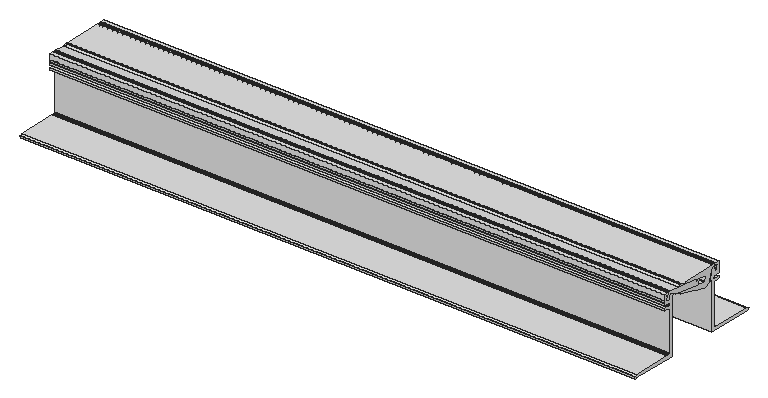
Revit family "Construction-Floors-Conecto-Aluminium Joints ALU AL.110.15", category Specialty Equipment, Revit 2015 (continued)
Definition of nested family "Standard"
  Forms (mm)
    Extrusion 30, solid, material <- "Material", visible <- "30"
      sketch origin (0, -265.421, -730.469) x (0, -1, 0) y (0, 0, -1)
        loop
          line (-313.513, -660.485) -> (-313.513, -659.059) -> (-315.477, -657.095) -> (-315.809, -658.006) -> (-316.862, -658.497) -> (-317.968, -657.859) -> (-318.453, -656.819) -> (-318.388, -655.889) -> (-317.765, -655.266) -> (-316.357, -655.266) -> (-316.455, -654.468) -> (-316.638, -653.531) -> (-316.745, -652.511) -> (-316.473, -650.323) -> (-315.882, -648.737) -> (-315.292, -648.207) -> (-311.886, -648.207) -> (-311.295, -648.739) -> (-311.295, -649.621) -> (-311.762, -650.265) -> (-312.318, -651.228) -> (-312.451, -652.062) -> (-312.519, -652.847) -> (-312.33, -653.737) -> (-311.744, -654.839) -> (-311.204, -655.46) -> (-310.47, -655.955) -> (-309.739, -656.265) -> (-308.932, -656.422) -> (-308.099, -656.451) -> (-307.319, -656.286) -> (-306.587, -656.005) -> (-305.673, -655.364) -> (-304.954, -654.214) -> (-304.554, -653.116) -> (-304.554, -645.504) -> (-304.554, -630.498) -> (-376.26, -630.498) -> (-377.797, -630.66) -> (-378.546, -631.009) -> (-378.546, -633.484) -> (-376.766, -634.512) -> (-374.912, -635.114) -> (-320.306, -635.114) -> (-317.035, -636.64) -> (-316.231, -636.64) -> (-315.606, -636.168) -> (-314.698, -635.706) -> (-313.465, -635.554) -> (-312.284, -635.699) -> (-311.154, -636.275) -> (-310.215, -637.215) -> (-309.499, -638.821) -> (-309.499, -640.438) -> (-309.955, -641.512) -> (-310.609, -642.446) -> (-311.535, -643.144) -> (-313.621, -643.587) -> (-316.14, -642.518) -> (-317.294, -642.375) -> (-320.737, -650.485) -> (-320.737, -660.485) -> (-313.513, -660.485)
      from 0 to 1000
  Dimensions and locks
    "Length": plane 3 "Center (Left/Right)" to plane 4
    equal spacing: plane 6, plane 1 "Center (Front/Back)", plane 5
    "Space": plane 6 to plane 5
    aligned and locked: level to plane 2
    aligned and locked: Extrusion 27 to plane 4
    aligned and locked: Extrusion 28 to plane 4
    aligned and locked: Extrusion 29 to plane 4
    aligned and locked: Extrusion 30 to plane 4
    aligned and locked: Extrusion 26 to plane 4
    aligned and locked: Extrusion 25 to plane 4
    aligned and locked: Extrusion 24 to plane 4
    aligned and locked: Extrusion 23 to plane 4
    aligned and locked: Extrusion 22 to plane 4
    aligned and locked: Extrusion 21 to plane 4
    aligned and locked: Extrusion 17 to plane 4
    aligned and locked: Extrusion 18 to plane 4
    aligned and locked: Extrusion 19 to plane 4
    aligned and locked: Extrusion 20 to plane 4
    aligned and locked: Extrusion 16 to plane 4
    aligned and locked: Extrusion 15 to plane 4
    aligned and locked: Extrusion 14 to plane 4
    aligned and locked: Extrusion 13 to plane 4
    aligned and locked: Extrusion 12 to plane 4
    aligned and locked: Extrusion 11 to plane 4
    aligned and locked: Extrusion 10 to plane 4
    aligned and locked: Extrusion 9 to plane 4
    aligned and locked: Extrusion 8 to plane 4
    aligned and locked: Extrusion 7 to plane 4
    aligned and locked: Extrusion 6 to plane 4
    aligned and locked: Extrusion 5 to plane 4
    aligned and locked: Extrusion 4 to plane 4
    aligned and locked: Extrusion 3 to plane 4
    aligned and locked: Extrusion 2 to plane 4
    aligned and locked: Extrusion 1 to plane 4
  Automatic sketch dimensions
    Extrusion 1 sketch curve to plane 6 = 0.018 mm
    Extrusion 1 sketch curve to plane 6 = 0.079 mm
    Extrusion 1 sketch curve to plane 6 = 0.145 mm
    Extrusion 1 sketch curve to plane 6 = 0.316 mm
    Extrusion 1 sketch curve to plane 6 = 0.483 mm
    Extrusion 1 sketch curve to plane 6 = 0.781 mm
    Extrusion 1 sketch curve to Extrusion 1 sketch curve = 0.503 mm
    Extrusion 1 sketch curve to Extrusion 1 sketch curve = 0.54 mm
    Extrusion 1 sketch curve to Extrusion 1 sketch curve = 0.665 mm  (x2)
    Extrusion 1 sketch curve to Extrusion 1 sketch curve = 0.708 mm
    Extrusion 1 sketch curve to Extrusion 1 sketch curve = 0.781 mm
    Extrusion 1 sketch curve to Extrusion 1 sketch curve = 0.844 mm
    Extrusion 1 sketch curve to Extrusion 1 sketch curve = 0.841 mm
    Extrusion 1 sketch curve to level = 1.687 mm
    Extrusion 1 sketch curve to plane 6 = 5.776 mm
    Extrusion 1 sketch curve to Extrusion 1 sketch curve = 0.732 mm
    Extrusion 1 sketch curve to Extrusion 1 sketch curve = 0.654 mm
    level to Extrusion 1 sketch curve = 3.124 mm
    Extrusion 1 sketch curve to Extrusion 1 sketch curve = 0.943 mm
    Extrusion 1 sketch curve to Extrusion 1 sketch curve = 0.22 mm
    Extrusion 1 sketch curve to Extrusion 1 sketch curve = 0.571 mm  (x2)
    Extrusion 1 sketch curve to Extrusion 1 sketch curve = 0.486 mm
    Extrusion 1 sketch curve to Extrusion 1 sketch curve = 0.771 mm
    Extrusion 1 sketch curve to Extrusion 1 sketch curve = 0.457 mm
    Extrusion 1 sketch curve to Extrusion 1 sketch curve = 0.352 mm
    Extrusion 1 sketch curve to Extrusion 1 sketch curve = 0.338 mm
    Extrusion 1 sketch curve to Extrusion 1 sketch curve = 0.188 mm
    Extrusion 1 sketch curve to Extrusion 1 sketch curve = 2.478 mm
    Extrusion 1 sketch curve to Extrusion 1 sketch curve = 0.077 mm
    Extrusion 1 sketch curve to Extrusion 1 sketch curve = 0.814 mm  (x2)
    level to Extrusion 1 sketch curve = 2.437 mm
    Extrusion 1 sketch curve to Extrusion 1 sketch curve = 3.227 mm
    Extrusion 1 sketch curve to Extrusion 1 sketch curve = 1.773 mm
    Extrusion 1 sketch curve to Extrusion 1 sketch curve = 0.527 mm
    level to Extrusion 1 sketch curve = 2.972 mm
    Extrusion 1 sketch curve to Extrusion 1 sketch curve = 0.616 mm
    level to Extrusion 1 sketch curve = 4.056 mm
    Extrusion 1 sketch curve to Extrusion 1 sketch curve = 0.46 mm
    Extrusion 1 sketch curve to Extrusion 1 sketch curve = 1.069 mm
    level to Extrusion 1 sketch curve = 4.888 mm
    Extrusion 1 sketch curve to Extrusion 1 sketch curve = 0.239 mm
    Extrusion 1 sketch curve to Extrusion 1 sketch curve = 0.299 mm
    level to Extrusion 1 sketch curve = 5.772 mm
    Extrusion 1 sketch curve to Extrusion 1 sketch curve = 0.14 mm
    Extrusion 1 sketch curve to Extrusion 1 sketch curve = 0.051 mm
    Extrusion 1 sketch curve to Extrusion 1 sketch curve = 0.96 mm
    Extrusion 1 sketch curve to Extrusion 1 sketch curve = 0.932 mm
    Extrusion 1 sketch curve to Extrusion 1 sketch curve = 0.703 mm
    Extrusion 1 sketch curve to Extrusion 1 sketch curve = 0.807 mm
    Extrusion 1 sketch curve to Extrusion 1 sketch curve = 0.86 mm
    Extrusion 1 sketch curve to Extrusion 1 sketch curve = 0.342 mm
    Extrusion 1 sketch curve to plane 6 = 14.701 mm
    Extrusion 1 sketch curve to Extrusion 1 sketch curve = 6.486 mm
    Extrusion 1 sketch curve to Extrusion 1 sketch curve = 0.821 mm
    level to Extrusion 1 sketch curve = 4.135 mm
    Extrusion 1 sketch curve to Extrusion 1 sketch curve = 0.721 mm
    Extrusion 1 sketch curve to Extrusion 1 sketch curve = 0.719 mm
    Extrusion 1 sketch curve to Extrusion 1 sketch curve = 0.829 mm
    Extrusion 1 sketch curve to Extrusion 1 sketch curve = 0.796 mm  (x2)
    Extrusion 1 sketch curve to Extrusion 1 sketch curve = 0.905 mm
    Extrusion 1 sketch curve to Extrusion 1 sketch curve = 0.964 mm
    Extrusion 1 sketch curve to Extrusion 1 sketch curve = 1.013 mm
    Extrusion 1 sketch curve to Extrusion 1 sketch curve = 0.867 mm
    Extrusion 1 sketch curve to Extrusion 1 sketch curve = 1.08 mm
    Extrusion 1 sketch curve to Extrusion 1 sketch curve = 0.826 mm
    Extrusion 1 sketch curve to Extrusion 1 sketch curve = 1.041 mm
    Extrusion 1 sketch curve to Extrusion 1 sketch curve = 0.869 mm
    Extrusion 1 sketch curve to Extrusion 1 sketch curve = 0.805 mm
    Extrusion 1 sketch curve to Extrusion 1 sketch curve = 0.791 mm
    Extrusion 1 sketch curve to Extrusion 1 sketch curve = 0.661 mm
    Extrusion 1 sketch curve to Extrusion 1 sketch curve = 0.6 mm
    Extrusion 1 sketch curve to Extrusion 1 sketch curve = 0.376 mm
    Extrusion 1 sketch curve to Extrusion 1 sketch curve = 0.465 mm
    Extrusion 1 sketch curve to Extrusion 1 sketch curve = 0.458 mm
    Extrusion 1 sketch curve to Extrusion 1 sketch curve = 0.345 mm
    Extrusion 1 sketch curve to Extrusion 1 sketch curve = 0.296 mm  (x2)
    Extrusion 1 sketch curve to Extrusion 1 sketch curve = 0.89 mm
    Extrusion 1 sketch curve to Extrusion 1 sketch curve = 0.179 mm
    Extrusion 1 sketch curve to Extrusion 1 sketch curve = 1.918 mm
    Extrusion 1 sketch curve to Extrusion 1 sketch curve = 1.017 mm
    Extrusion 1 sketch curve to Extrusion 1 sketch curve = 0.726 mm
    Extrusion 1 sketch curve to Extrusion 1 sketch curve = 0.9 mm
    Extrusion 1 sketch curve to Extrusion 1 sketch curve = 0.52 mm
    Extrusion 1 sketch curve to Extrusion 1 sketch curve = 1.176 mm
    Extrusion 1 sketch curve to Extrusion 1 sketch curve = 1.103 mm
    Extrusion 1 sketch curve to Extrusion 1 sketch curve = 0.335 mm
    Extrusion 1 sketch curve to Extrusion 1 sketch curve = 38.619 mm
    Extrusion 2 sketch curve to plane 6 = 0.015 mm
    Extrusion 2 sketch curve to plane 6 = 0.076 mm
    Extrusion 2 sketch curve to plane 6 = 0.142 mm
    Extrusion 2 sketch curve to plane 6 = 0.312 mm
    Extrusion 2 sketch curve to plane 6 = 0.48 mm
    Extrusion 2 sketch curve to plane 6 = 0.777 mm
    Extrusion 2 sketch curve to Extrusion 2 sketch curve = 0.503 mm
    Extrusion 2 sketch curve to Extrusion 2 sketch curve = 0.54 mm
    Extrusion 2 sketch curve to Extrusion 2 sketch curve = 0.665 mm  (x2)
    Extrusion 2 sketch curve to Extrusion 2 sketch curve = 0.708 mm
    Extrusion 2 sketch curve to Extrusion 2 sketch curve = 0.781 mm
    Extrusion 2 sketch curve to Extrusion 2 sketch curve = 0.844 mm
    Extrusion 2 sketch curve to Extrusion 2 sketch curve = 0.841 mm
    Extrusion 2 sketch curve to level = 1.685 mm
    Extrusion 2 sketch curve to plane 6 = 5.772 mm
    Extrusion 2 sketch curve to Extrusion 2 sketch curve = 0.732 mm
    Extrusion 2 sketch curve to Extrusion 2 sketch curve = 0.654 mm
    level to Extrusion 2 sketch curve = 3.125 mm
    Extrusion 2 sketch curve to Extrusion 2 sketch curve = 0.943 mm
    Extrusion 2 sketch curve to Extrusion 2 sketch curve = 0.22 mm
    Extrusion 2 sketch curve to Extrusion 2 sketch curve = 0.571 mm  (x2)
    Extrusion 2 sketch curve to Extrusion 2 sketch curve = 0.486 mm
    Extrusion 2 sketch curve to Extrusion 2 sketch curve = 0.771 mm
    Extrusion 2 sketch curve to Extrusion 2 sketch curve = 0.457 mm
    Extrusion 2 sketch curve to Extrusion 2 sketch curve = 0.352 mm
    Extrusion 2 sketch curve to Extrusion 2 sketch curve = 0.338 mm
    Extrusion 2 sketch curve to Extrusion 2 sketch curve = 0.188 mm
    Extrusion 2 sketch curve to Extrusion 2 sketch curve = 2.478 mm
    Extrusion 2 sketch curve to Extrusion 2 sketch curve = 0.077 mm
    Extrusion 2 sketch curve to Extrusion 2 sketch curve = 0.814 mm  (x2)
    level to Extrusion 2 sketch curve = 2.439 mm
    Extrusion 2 sketch curve to Extrusion 2 sketch curve = 3.227 mm
    Extrusion 2 sketch curve to Extrusion 2 sketch curve = 1.773 mm
    Extrusion 2 sketch curve to Extrusion 2 sketch curve = 0.527 mm
    level to Extrusion 2 sketch curve = 2.974 mm
    Extrusion 2 sketch curve to Extrusion 2 sketch curve = 0.616 mm
    level to Extrusion 2 sketch curve = 4.057 mm
    Extrusion 2 sketch curve to Extrusion 2 sketch curve = 0.46 mm
    Extrusion 2 sketch curve to Extrusion 2 sketch curve = 1.069 mm
    level to Extrusion 2 sketch curve = 4.89 mm
    Extrusion 2 sketch curve to Extrusion 2 sketch curve = 0.239 mm
    Extrusion 2 sketch curve to Extrusion 2 sketch curve = 0.299 mm
    level to Extrusion 2 sketch curve = 5.774 mm
    Extrusion 2 sketch curve to Extrusion 2 sketch curve = 0.14 mm
    Extrusion 2 sketch curve to Extrusion 2 sketch curve = 0.051 mm
    Extrusion 2 sketch curve to Extrusion 2 sketch curve = 0.96 mm
    Extrusion 2 sketch curve to Extrusion 2 sketch curve = 0.932 mm
    Extrusion 2 sketch curve to Extrusion 2 sketch curve = 0.703 mm
    Extrusion 2 sketch curve to Extrusion 2 sketch curve = 0.807 mm
    Extrusion 2 sketch curve to Extrusion 2 sketch curve = 0.86 mm
    Extrusion 2 sketch curve to Extrusion 2 sketch curve = 0.342 mm
    Extrusion 2 sketch curve to plane 6 = 14.698 mm
    Extrusion 2 sketch curve to Extrusion 2 sketch curve = 6.486 mm
    Extrusion 2 sketch curve to Extrusion 2 sketch curve = 0.821 mm
    level to Extrusion 2 sketch curve = 4.136 mm
    Extrusion 2 sketch curve to Extrusion 2 sketch curve = 0.721 mm
    Extrusion 2 sketch curve to Extrusion 2 sketch curve = 0.719 mm
    Extrusion 2 sketch curve to Extrusion 2 sketch curve = 0.829 mm
    Extrusion 2 sketch curve to Extrusion 2 sketch curve = 0.796 mm  (x2)
    Extrusion 2 sketch curve to Extrusion 2 sketch curve = 0.905 mm
    Extrusion 2 sketch curve to Extrusion 2 sketch curve = 0.964 mm
    Extrusion 2 sketch curve to Extrusion 2 sketch curve = 1.013 mm
    Extrusion 2 sketch curve to Extrusion 2 sketch curve = 0.867 mm
    Extrusion 2 sketch curve to Extrusion 2 sketch curve = 1.08 mm
    Extrusion 2 sketch curve to Extrusion 2 sketch curve = 0.826 mm
    Extrusion 2 sketch curve to Extrusion 2 sketch curve = 1.041 mm
    Extrusion 2 sketch curve to Extrusion 2 sketch curve = 0.869 mm
    Extrusion 2 sketch curve to Extrusion 2 sketch curve = 0.805 mm
    Extrusion 2 sketch curve to Extrusion 2 sketch curve = 0.791 mm
    Extrusion 2 sketch curve to Extrusion 2 sketch curve = 0.661 mm
    Extrusion 2 sketch curve to Extrusion 2 sketch curve = 0.6 mm
    Extrusion 2 sketch curve to Extrusion 2 sketch curve = 0.376 mm
    Extrusion 2 sketch curve to Extrusion 2 sketch curve = 0.465 mm
    Extrusion 2 sketch curve to Extrusion 2 sketch curve = 0.458 mm
    Extrusion 2 sketch curve to Extrusion 2 sketch curve = 0.345 mm
    Extrusion 2 sketch curve to Extrusion 2 sketch curve = 0.296 mm  (x2)
    Extrusion 2 sketch curve to Extrusion 2 sketch curve = 0.89 mm
    Extrusion 2 sketch curve to Extrusion 2 sketch curve = 0.179 mm
    Extrusion 2 sketch curve to Extrusion 2 sketch curve = 1.918 mm
    Extrusion 2 sketch curve to Extrusion 2 sketch curve = 1.017 mm
    Extrusion 2 sketch curve to Extrusion 2 sketch curve = 0.726 mm
    Extrusion 2 sketch curve to Extrusion 2 sketch curve = 0.9 mm
    Extrusion 2 sketch curve to Extrusion 2 sketch curve = 0.52 mm
    Extrusion 2 sketch curve to Extrusion 2 sketch curve = 1.176 mm
    Extrusion 2 sketch curve to Extrusion 2 sketch curve = 1.103 mm
    Extrusion 2 sketch curve to Extrusion 2 sketch curve = 0.335 mm
    Extrusion 2 sketch curve to Extrusion 2 sketch curve = 38.619 mm
    Extrusion 3 sketch curve to plane 6 = 0.016 mm
    Extrusion 3 sketch curve to plane 6 = 0.077 mm
    Extrusion 3 sketch curve to plane 6 = 0.144 mm
    Extrusion 3 sketch curve to plane 6 = 0.314 mm
    Extrusion 3 sketch curve to plane 6 = 0.481 mm
    Extrusion 3 sketch curve to plane 6 = 0.779 mm
    Extrusion 3 sketch curve to Extrusion 3 sketch curve = 0.503 mm
    Extrusion 3 sketch curve to Extrusion 3 sketch curve = 0.54 mm
    Extrusion 3 sketch curve to Extrusion 3 sketch curve = 0.665 mm  (x2)
    Extrusion 3 sketch curve to Extrusion 3 sketch curve = 0.708 mm
    Extrusion 3 sketch curve to Extrusion 3 sketch curve = 0.781 mm
    Extrusion 3 sketch curve to Extrusion 3 sketch curve = 0.844 mm
    Extrusion 3 sketch curve to Extrusion 3 sketch curve = 0.841 mm
    Extrusion 3 sketch curve to level = 1.685 mm
    Extrusion 3 sketch curve to plane 6 = 5.774 mm
    Extrusion 3 sketch curve to Extrusion 3 sketch curve = 0.732 mm
    Extrusion 3 sketch curve to Extrusion 3 sketch curve = 0.654 mm
    level to Extrusion 3 sketch curve = 3.125 mm
    Extrusion 3 sketch curve to Extrusion 3 sketch curve = 0.943 mm
    Extrusion 3 sketch curve to Extrusion 3 sketch curve = 0.22 mm
    Extrusion 3 sketch curve to Extrusion 3 sketch curve = 0.571 mm  (x2)
    Extrusion 3 sketch curve to Extrusion 3 sketch curve = 0.486 mm
    Extrusion 3 sketch curve to Extrusion 3 sketch curve = 0.771 mm
    Extrusion 3 sketch curve to Extrusion 3 sketch curve = 0.457 mm
    Extrusion 3 sketch curve to Extrusion 3 sketch curve = 0.352 mm
    Extrusion 3 sketch curve to Extrusion 3 sketch curve = 0.338 mm
    Extrusion 3 sketch curve to Extrusion 3 sketch curve = 0.188 mm
    Extrusion 3 sketch curve to Extrusion 3 sketch curve = 2.478 mm
    Extrusion 3 sketch curve to Extrusion 3 sketch curve = 0.077 mm
    Extrusion 3 sketch curve to Extrusion 3 sketch curve = 0.814 mm  (x2)
    level to Extrusion 3 sketch curve = 2.439 mm
    Extrusion 3 sketch curve to Extrusion 3 sketch curve = 3.227 mm
    Extrusion 3 sketch curve to Extrusion 3 sketch curve = 1.773 mm
    Extrusion 3 sketch curve to Extrusion 3 sketch curve = 0.527 mm
    level to Extrusion 3 sketch curve = 2.974 mm
    Extrusion 3 sketch curve to Extrusion 3 sketch curve = 0.616 mm
    level to Extrusion 3 sketch curve = 4.057 mm
    Extrusion 3 sketch curve to Extrusion 3 sketch curve = 0.46 mm
    Extrusion 3 sketch curve to Extrusion 3 sketch curve = 1.069 mm
    level to Extrusion 3 sketch curve = 4.89 mm
    Extrusion 3 sketch curve to Extrusion 3 sketch curve = 0.239 mm
    Extrusion 3 sketch curve to Extrusion 3 sketch curve = 0.299 mm
    level to Extrusion 3 sketch curve = 5.774 mm
    Extrusion 3 sketch curve to Extrusion 3 sketch curve = 0.14 mm
    Extrusion 3 sketch curve to Extrusion 3 sketch curve = 0.051 mm
    Extrusion 3 sketch curve to Extrusion 3 sketch curve = 0.96 mm
    Extrusion 3 sketch curve to Extrusion 3 sketch curve = 0.932 mm
    Extrusion 3 sketch curve to Extrusion 3 sketch curve = 0.703 mm
    Extrusion 3 sketch curve to Extrusion 3 sketch curve = 0.807 mm
    Extrusion 3 sketch curve to Extrusion 3 sketch curve = 0.86 mm
    Extrusion 3 sketch curve to Extrusion 3 sketch curve = 0.342 mm
    Extrusion 3 sketch curve to plane 6 = 14.699 mm
    Extrusion 3 sketch curve to Extrusion 3 sketch curve = 6.486 mm
    Extrusion 3 sketch curve to Extrusion 3 sketch curve = 0.821 mm
    level to Extrusion 3 sketch curve = 4.136 mm
    Extrusion 3 sketch curve to Extrusion 3 sketch curve = 0.721 mm
    Extrusion 3 sketch curve to Extrusion 3 sketch curve = 0.719 mm
    Extrusion 3 sketch curve to Extrusion 3 sketch curve = 0.829 mm
    Extrusion 3 sketch curve to Extrusion 3 sketch curve = 0.796 mm  (x2)
    Extrusion 3 sketch curve to Extrusion 3 sketch curve = 0.905 mm
    Extrusion 3 sketch curve to Extrusion 3 sketch curve = 0.964 mm
    Extrusion 3 sketch curve to Extrusion 3 sketch curve = 1.013 mm
    Extrusion 3 sketch curve to Extrusion 3 sketch curve = 0.867 mm
    Extrusion 3 sketch curve to Extrusion 3 sketch curve = 1.08 mm
    Extrusion 3 sketch curve to Extrusion 3 sketch curve = 0.826 mm
    Extrusion 3 sketch curve to Extrusion 3 sketch curve = 1.041 mm
    Extrusion 3 sketch curve to Extrusion 3 sketch curve = 0.869 mm
    Extrusion 3 sketch curve to Extrusion 3 sketch curve = 0.805 mm
    Extrusion 3 sketch curve to Extrusion 3 sketch curve = 0.791 mm
    Extrusion 3 sketch curve to Extrusion 3 sketch curve = 0.661 mm
    Extrusion 3 sketch curve to Extrusion 3 sketch curve = 0.6 mm
    Extrusion 3 sketch curve to Extrusion 3 sketch curve = 0.376 mm
    Extrusion 3 sketch curve to Extrusion 3 sketch curve = 0.465 mm
    Extrusion 3 sketch curve to Extrusion 3 sketch curve = 0.458 mm
    Extrusion 3 sketch curve to Extrusion 3 sketch curve = 0.345 mm
    Extrusion 3 sketch curve to Extrusion 3 sketch curve = 0.296 mm  (x2)
    Extrusion 3 sketch curve to Extrusion 3 sketch curve = 0.89 mm
    Extrusion 3 sketch curve to Extrusion 3 sketch curve = 0.179 mm
    Extrusion 3 sketch curve to Extrusion 3 sketch curve = 1.918 mm
    Extrusion 3 sketch curve to Extrusion 3 sketch curve = 1.017 mm
    Extrusion 3 sketch curve to Extrusion 3 sketch curve = 0.726 mm
    Extrusion 3 sketch curve to Extrusion 3 sketch curve = 0.9 mm
    Extrusion 3 sketch curve to Extrusion 3 sketch curve = 0.52 mm
    Extrusion 3 sketch curve to Extrusion 3 sketch curve = 1.176 mm
    Extrusion 3 sketch curve to Extrusion 3 sketch curve = 1.103 mm
    Extrusion 3 sketch curve to Extrusion 3 sketch curve = 0.335 mm
    Extrusion 3 sketch curve to Extrusion 3 sketch curve = 38.619 mm
    Extrusion 4 sketch curve to plane 6 = 0.017 mm
    Extrusion 4 sketch curve to plane 6 = 0.078 mm
    Extrusion 4 sketch curve to plane 6 = 0.144 mm
    Extrusion 4 sketch curve to plane 6 = 0.315 mm
    Extrusion 4 sketch curve to plane 6 = 0.482 mm
    Extrusion 4 sketch curve to plane 6 = 0.78 mm
    Extrusion 4 sketch curve to Extrusion 4 sketch curve = 0.503 mm
    Extrusion 4 sketch curve to Extrusion 4 sketch curve = 0.54 mm
    Extrusion 4 sketch curve to Extrusion 4 sketch curve = 0.665 mm  (x2)
    Extrusion 4 sketch curve to Extrusion 4 sketch curve = 0.708 mm
    Extrusion 4 sketch curve to Extrusion 4 sketch curve = 0.781 mm
    Extrusion 4 sketch curve to Extrusion 4 sketch curve = 0.844 mm
    Extrusion 4 sketch curve to Extrusion 4 sketch curve = 0.841 mm
    Extrusion 4 sketch curve to level = 1.628 mm
    Extrusion 4 sketch curve to plane 6 = 5.775 mm
    Extrusion 4 sketch curve to Extrusion 4 sketch curve = 0.732 mm
    Extrusion 4 sketch curve to Extrusion 4 sketch curve = 0.654 mm
    level to Extrusion 4 sketch curve = 3.183 mm
    Extrusion 4 sketch curve to Extrusion 4 sketch curve = 0.943 mm
    Extrusion 4 sketch curve to Extrusion 4 sketch curve = 0.22 mm
    Extrusion 4 sketch curve to Extrusion 4 sketch curve = 0.571 mm  (x2)
    Extrusion 4 sketch curve to Extrusion 4 sketch curve = 0.486 mm
    Extrusion 4 sketch curve to Extrusion 4 sketch curve = 0.771 mm
    Extrusion 4 sketch curve to Extrusion 4 sketch curve = 0.457 mm
    Extrusion 4 sketch curve to Extrusion 4 sketch curve = 0.352 mm
    Extrusion 4 sketch curve to Extrusion 4 sketch curve = 0.338 mm
    Extrusion 4 sketch curve to Extrusion 4 sketch curve = 0.188 mm
    Extrusion 4 sketch curve to Extrusion 4 sketch curve = 2.478 mm
    Extrusion 4 sketch curve to Extrusion 4 sketch curve = 0.077 mm
    Extrusion 4 sketch curve to Extrusion 4 sketch curve = 0.814 mm  (x2)
    level to Extrusion 4 sketch curve = 2.496 mm
    Extrusion 4 sketch curve to Extrusion 4 sketch curve = 3.227 mm
    Extrusion 4 sketch curve to Extrusion 4 sketch curve = 1.773 mm
    Extrusion 4 sketch curve to Extrusion 4 sketch curve = 0.527 mm
    level to Extrusion 4 sketch curve = 3.031 mm
    Extrusion 4 sketch curve to Extrusion 4 sketch curve = 0.616 mm
    level to Extrusion 4 sketch curve = 4.115 mm
    Extrusion 4 sketch curve to Extrusion 4 sketch curve = 0.46 mm
    Extrusion 4 sketch curve to Extrusion 4 sketch curve = 1.069 mm
    level to Extrusion 4 sketch curve = 4.947 mm
    Extrusion 4 sketch curve to Extrusion 4 sketch curve = 0.239 mm
    Extrusion 4 sketch curve to Extrusion 4 sketch curve = 0.299 mm
    level to Extrusion 4 sketch curve = 5.831 mm
    Extrusion 4 sketch curve to Extrusion 4 sketch curve = 0.14 mm
    Extrusion 4 sketch curve to Extrusion 4 sketch curve = 0.051 mm
    Extrusion 4 sketch curve to Extrusion 4 sketch curve = 0.96 mm
    Extrusion 4 sketch curve to Extrusion 4 sketch curve = 0.932 mm
    Extrusion 4 sketch curve to Extrusion 4 sketch curve = 0.703 mm
    Extrusion 4 sketch curve to Extrusion 4 sketch curve = 0.807 mm
    Extrusion 4 sketch curve to Extrusion 4 sketch curve = 0.86 mm
    Extrusion 4 sketch curve to Extrusion 4 sketch curve = 0.342 mm
    Extrusion 4 sketch curve to plane 6 = 14.7 mm
    Extrusion 4 sketch curve to Extrusion 4 sketch curve = 6.486 mm
    Extrusion 4 sketch curve to Extrusion 4 sketch curve = 0.821 mm
    level to Extrusion 4 sketch curve = 4.194 mm
    Extrusion 4 sketch curve to Extrusion 4 sketch curve = 0.721 mm
    Extrusion 4 sketch curve to Extrusion 4 sketch curve = 0.719 mm
    Extrusion 4 sketch curve to Extrusion 4 sketch curve = 0.829 mm
    Extrusion 4 sketch curve to Extrusion 4 sketch curve = 0.796 mm  (x2)
    Extrusion 4 sketch curve to Extrusion 4 sketch curve = 0.905 mm
    Extrusion 4 sketch curve to Extrusion 4 sketch curve = 0.964 mm
    Extrusion 4 sketch curve to Extrusion 4 sketch curve = 1.013 mm
    Extrusion 4 sketch curve to Extrusion 4 sketch curve = 0.867 mm
    Extrusion 4 sketch curve to Extrusion 4 sketch curve = 1.08 mm
    Extrusion 4 sketch curve to Extrusion 4 sketch curve = 0.826 mm
    Extrusion 4 sketch curve to Extrusion 4 sketch curve = 1.041 mm
    Extrusion 4 sketch curve to Extrusion 4 sketch curve = 0.869 mm
    Extrusion 4 sketch curve to Extrusion 4 sketch curve = 0.805 mm
    Extrusion 4 sketch curve to Extrusion 4 sketch curve = 0.791 mm
    Extrusion 4 sketch curve to Extrusion 4 sketch curve = 0.661 mm
    Extrusion 4 sketch curve to Extrusion 4 sketch curve = 0.6 mm
    Extrusion 4 sketch curve to Extrusion 4 sketch curve = 0.376 mm
    Extrusion 4 sketch curve to Extrusion 4 sketch curve = 0.465 mm
    Extrusion 4 sketch curve to Extrusion 4 sketch curve = 0.458 mm
    Extrusion 4 sketch curve to Extrusion 4 sketch curve = 0.345 mm
    Extrusion 4 sketch curve to Extrusion 4 sketch curve = 0.296 mm  (x2)
    Extrusion 4 sketch curve to Extrusion 4 sketch curve = 0.89 mm
    Extrusion 4 sketch curve to Extrusion 4 sketch curve = 0.179 mm
    Extrusion 4 sketch curve to Extrusion 4 sketch curve = 1.918 mm
    Extrusion 4 sketch curve to Extrusion 4 sketch curve = 1.017 mm
    Extrusion 4 sketch curve to Extrusion 4 sketch curve = 0.726 mm
    Extrusion 4 sketch curve to Extrusion 4 sketch curve = 0.9 mm
    Extrusion 4 sketch curve to Extrusion 4 sketch curve = 0.52 mm
    Extrusion 4 sketch curve to Extrusion 4 sketch curve = 1.176 mm
    Extrusion 4 sketch curve to Extrusion 4 sketch curve = 1.103 mm
    Extrusion 4 sketch curve to Extrusion 4 sketch curve = 0.335 mm
    Extrusion 4 sketch curve to Extrusion 4 sketch curve = 38.619 mm
    Extrusion 5 sketch curve to plane 6 = 0.018 mm
    Extrusion 5 sketch curve to plane 6 = 0.079 mm
    Extrusion 5 sketch curve to plane 6 = 0.145 mm
    Extrusion 5 sketch curve to plane 6 = 0.316 mm
    Extrusion 5 sketch curve to plane 6 = 0.483 mm
    Extrusion 5 sketch curve to plane 6 = 0.781 mm
    Extrusion 5 sketch curve to Extrusion 5 sketch curve = 0.503 mm
    Extrusion 5 sketch curve to Extrusion 5 sketch curve = 0.54 mm
    Extrusion 5 sketch curve to Extrusion 5 sketch curve = 0.665 mm  (x2)
    Extrusion 5 sketch curve to Extrusion 5 sketch curve = 0.708 mm
    Extrusion 5 sketch curve to Extrusion 5 sketch curve = 0.781 mm
    Extrusion 5 sketch curve to Extrusion 5 sketch curve = 0.844 mm
    Extrusion 5 sketch curve to Extrusion 5 sketch curve = 0.841 mm
    Extrusion 5 sketch curve to level = 1.687 mm
    Extrusion 5 sketch curve to plane 6 = 5.776 mm
    Extrusion 5 sketch curve to Extrusion 5 sketch curve = 0.732 mm
    Extrusion 5 sketch curve to Extrusion 5 sketch curve = 0.654 mm
    level to Extrusion 5 sketch curve = 3.124 mm
    Extrusion 5 sketch curve to Extrusion 5 sketch curve = 0.943 mm
    Extrusion 5 sketch curve to Extrusion 5 sketch curve = 0.22 mm
    Extrusion 5 sketch curve to Extrusion 5 sketch curve = 0.571 mm  (x2)
    Extrusion 5 sketch curve to Extrusion 5 sketch curve = 0.486 mm
    Extrusion 5 sketch curve to Extrusion 5 sketch curve = 0.771 mm
    Extrusion 5 sketch curve to Extrusion 5 sketch curve = 0.457 mm
    Extrusion 5 sketch curve to Extrusion 5 sketch curve = 0.352 mm
    Extrusion 5 sketch curve to Extrusion 5 sketch curve = 0.338 mm
    Extrusion 5 sketch curve to Extrusion 5 sketch curve = 0.188 mm
    Extrusion 5 sketch curve to Extrusion 5 sketch curve = 2.478 mm
    Extrusion 5 sketch curve to Extrusion 5 sketch curve = 0.077 mm
    Extrusion 5 sketch curve to Extrusion 5 sketch curve = 0.814 mm  (x2)
    level to Extrusion 5 sketch curve = 2.437 mm
    Extrusion 5 sketch curve to Extrusion 5 sketch curve = 3.227 mm
    Extrusion 5 sketch curve to Extrusion 5 sketch curve = 1.773 mm
    Extrusion 5 sketch curve to Extrusion 5 sketch curve = 0.527 mm
    level to Extrusion 5 sketch curve = 2.972 mm
    Extrusion 5 sketch curve to Extrusion 5 sketch curve = 0.616 mm
    level to Extrusion 5 sketch curve = 4.056 mm
    Extrusion 5 sketch curve to Extrusion 5 sketch curve = 0.46 mm
    Extrusion 5 sketch curve to Extrusion 5 sketch curve = 1.069 mm
    level to Extrusion 5 sketch curve = 4.888 mm
    Extrusion 5 sketch curve to Extrusion 5 sketch curve = 0.239 mm
    Extrusion 5 sketch curve to Extrusion 5 sketch curve = 0.299 mm
    level to Extrusion 5 sketch curve = 5.772 mm
    Extrusion 5 sketch curve to Extrusion 5 sketch curve = 0.14 mm
    Extrusion 5 sketch curve to Extrusion 5 sketch curve = 0.051 mm
    Extrusion 5 sketch curve to Extrusion 5 sketch curve = 0.96 mm
    Extrusion 5 sketch curve to Extrusion 5 sketch curve = 0.932 mm
    Extrusion 5 sketch curve to Extrusion 5 sketch curve = 0.703 mm
    Extrusion 5 sketch curve to Extrusion 5 sketch curve = 0.807 mm
    Extrusion 5 sketch curve to Extrusion 5 sketch curve = 0.86 mm
    Extrusion 5 sketch curve to Extrusion 5 sketch curve = 0.342 mm
    Extrusion 5 sketch curve to plane 6 = 14.701 mm
    Extrusion 5 sketch curve to Extrusion 5 sketch curve = 6.486 mm
    Extrusion 5 sketch curve to Extrusion 5 sketch curve = 0.821 mm
    level to Extrusion 5 sketch curve = 4.135 mm
    Extrusion 5 sketch curve to Extrusion 5 sketch curve = 0.721 mm
    Extrusion 5 sketch curve to Extrusion 5 sketch curve = 0.719 mm
    Extrusion 5 sketch curve to Extrusion 5 sketch curve = 0.829 mm
    Extrusion 5 sketch curve to Extrusion 5 sketch curve = 0.796 mm  (x2)
    Extrusion 5 sketch curve to Extrusion 5 sketch curve = 0.905 mm
    Extrusion 5 sketch curve to Extrusion 5 sketch curve = 0.964 mm
    Extrusion 5 sketch curve to Extrusion 5 sketch curve = 1.013 mm
    Extrusion 5 sketch curve to Extrusion 5 sketch curve = 0.867 mm
    Extrusion 5 sketch curve to Extrusion 5 sketch curve = 1.08 mm
    Extrusion 5 sketch curve to Extrusion 5 sketch curve = 0.826 mm
    Extrusion 5 sketch curve to Extrusion 5 sketch curve = 1.041 mm
    Extrusion 5 sketch curve to Extrusion 5 sketch curve = 0.869 mm
    Extrusion 5 sketch curve to Extrusion 5 sketch curve = 0.805 mm
    Extrusion 5 sketch curve to Extrusion 5 sketch curve = 0.791 mm
    Extrusion 5 sketch curve to Extrusion 5 sketch curve = 0.661 mm
    Extrusion 5 sketch curve to Extrusion 5 sketch curve = 0.6 mm
    Extrusion 5 sketch curve to Extrusion 5 sketch curve = 0.376 mm
    Extrusion 5 sketch curve to Extrusion 5 sketch curve = 0.465 mm
    Extrusion 5 sketch curve to Extrusion 5 sketch curve = 0.458 mm
    Extrusion 5 sketch curve to Extrusion 5 sketch curve = 0.345 mm
    Extrusion 5 sketch curve to Extrusion 5 sketch curve = 0.296 mm  (x2)
    Extrusion 5 sketch curve to Extrusion 5 sketch curve = 0.89 mm
    Extrusion 5 sketch curve to Extrusion 5 sketch curve = 0.179 mm
    Extrusion 5 sketch curve to Extrusion 5 sketch curve = 1.918 mm
    Extrusion 5 sketch curve to Extrusion 5 sketch curve = 1.017 mm
    Extrusion 5 sketch curve to Extrusion 5 sketch curve = 0.726 mm
    Extrusion 5 sketch curve to Extrusion 5 sketch curve = 0.9 mm
    Extrusion 5 sketch curve to Extrusion 5 sketch curve = 0.52 mm
    Extrusion 5 sketch curve to Extrusion 5 sketch curve = 1.176 mm
    Extrusion 5 sketch curve to Extrusion 5 sketch curve = 1.103 mm
    Extrusion 5 sketch curve to Extrusion 5 sketch curve = 0.335 mm
    Extrusion 5 sketch curve to Extrusion 5 sketch curve = 38.619 mm
    Extrusion 6 sketch curve to plane 6 = 0.015 mm
    Extrusion 6 sketch curve to plane 6 = 0.076 mm
    Extrusion 6 sketch curve to plane 6 = 0.142 mm
    Extrusion 6 sketch curve to plane 6 = 0.312 mm
    Extrusion 6 sketch curve to plane 6 = 0.48 mm
    Extrusion 6 sketch curve to plane 6 = 0.777 mm
    Extrusion 6 sketch curve to Extrusion 6 sketch curve = 0.503 mm
    Extrusion 6 sketch curve to Extrusion 6 sketch curve = 0.54 mm
    Extrusion 6 sketch curve to Extrusion 6 sketch curve = 0.665 mm  (x2)
    Extrusion 6 sketch curve to Extrusion 6 sketch curve = 0.708 mm
    Extrusion 6 sketch curve to Extrusion 6 sketch curve = 0.781 mm
    Extrusion 6 sketch curve to Extrusion 6 sketch curve = 0.844 mm
    Extrusion 6 sketch curve to Extrusion 6 sketch curve = 0.841 mm
    Extrusion 6 sketch curve to level = 1.685 mm
    Extrusion 6 sketch curve to plane 6 = 5.772 mm
    Extrusion 6 sketch curve to Extrusion 6 sketch curve = 0.732 mm
    Extrusion 6 sketch curve to Extrusion 6 sketch curve = 0.654 mm
    level to Extrusion 6 sketch curve = 3.125 mm
    Extrusion 6 sketch curve to Extrusion 6 sketch curve = 0.943 mm
    Extrusion 6 sketch curve to Extrusion 6 sketch curve = 0.22 mm
    Extrusion 6 sketch curve to Extrusion 6 sketch curve = 0.571 mm  (x2)
    Extrusion 6 sketch curve to Extrusion 6 sketch curve = 0.486 mm
    Extrusion 6 sketch curve to Extrusion 6 sketch curve = 0.771 mm
    Extrusion 6 sketch curve to Extrusion 6 sketch curve = 0.457 mm
    Extrusion 6 sketch curve to Extrusion 6 sketch curve = 0.352 mm
    Extrusion 6 sketch curve to Extrusion 6 sketch curve = 0.338 mm
    Extrusion 6 sketch curve to Extrusion 6 sketch curve = 0.188 mm
    Extrusion 6 sketch curve to Extrusion 6 sketch curve = 2.478 mm
    Extrusion 6 sketch curve to Extrusion 6 sketch curve = 0.077 mm
    Extrusion 6 sketch curve to Extrusion 6 sketch curve = 0.814 mm  (x2)
    level to Extrusion 6 sketch curve = 2.439 mm
    Extrusion 6 sketch curve to Extrusion 6 sketch curve = 3.227 mm
    Extrusion 6 sketch curve to Extrusion 6 sketch curve = 1.773 mm
    Extrusion 6 sketch curve to Extrusion 6 sketch curve = 0.527 mm
    level to Extrusion 6 sketch curve = 2.974 mm
    Extrusion 6 sketch curve to Extrusion 6 sketch curve = 0.616 mm
    level to Extrusion 6 sketch curve = 4.057 mm
    Extrusion 6 sketch curve to Extrusion 6 sketch curve = 0.46 mm
    Extrusion 6 sketch curve to Extrusion 6 sketch curve = 1.069 mm
    level to Extrusion 6 sketch curve = 4.89 mm
    Extrusion 6 sketch curve to Extrusion 6 sketch curve = 0.239 mm
    Extrusion 6 sketch curve to Extrusion 6 sketch curve = 0.299 mm
    level to Extrusion 6 sketch curve = 5.774 mm
    Extrusion 6 sketch curve to Extrusion 6 sketch curve = 0.14 mm
    Extrusion 6 sketch curve to Extrusion 6 sketch curve = 0.051 mm
    Extrusion 6 sketch curve to Extrusion 6 sketch curve = 0.96 mm
    Extrusion 6 sketch curve to Extrusion 6 sketch curve = 0.932 mm
    Extrusion 6 sketch curve to Extrusion 6 sketch curve = 0.703 mm
    Extrusion 6 sketch curve to Extrusion 6 sketch curve = 0.807 mm
    Extrusion 6 sketch curve to Extrusion 6 sketch curve = 0.86 mm
    Extrusion 6 sketch curve to Extrusion 6 sketch curve = 0.342 mm
    Extrusion 6 sketch curve to plane 6 = 14.698 mm
    Extrusion 6 sketch curve to Extrusion 6 sketch curve = 6.486 mm
    Extrusion 6 sketch curve to Extrusion 6 sketch curve = 0.821 mm
    level to Extrusion 6 sketch curve = 4.136 mm
    Extrusion 6 sketch curve to Extrusion 6 sketch curve = 0.721 mm
    Extrusion 6 sketch curve to Extrusion 6 sketch curve = 0.719 mm
    Extrusion 6 sketch curve to Extrusion 6 sketch curve = 0.829 mm
    Extrusion 6 sketch curve to Extrusion 6 sketch curve = 0.796 mm  (x2)
    Extrusion 6 sketch curve to Extrusion 6 sketch curve = 0.905 mm
    Extrusion 6 sketch curve to Extrusion 6 sketch curve = 0.964 mm
    Extrusion 6 sketch curve to Extrusion 6 sketch curve = 1.013 mm
    Extrusion 6 sketch curve to Extrusion 6 sketch curve = 0.867 mm
    Extrusion 6 sketch curve to Extrusion 6 sketch curve = 1.08 mm
    Extrusion 6 sketch curve to Extrusion 6 sketch curve = 0.826 mm
    Extrusion 6 sketch curve to Extrusion 6 sketch curve = 1.041 mm
    Extrusion 6 sketch curve to Extrusion 6 sketch curve = 0.869 mm
    Extrusion 6 sketch curve to Extrusion 6 sketch curve = 0.805 mm
    Extrusion 6 sketch curve to Extrusion 6 sketch curve = 0.791 mm
    Extrusion 6 sketch curve to Extrusion 6 sketch curve = 0.661 mm
    Extrusion 6 sketch curve to Extrusion 6 sketch curve = 0.6 mm
    Extrusion 6 sketch curve to Extrusion 6 sketch curve = 0.376 mm
    Extrusion 6 sketch curve to Extrusion 6 sketch curve = 0.465 mm
    Extrusion 6 sketch curve to Extrusion 6 sketch curve = 0.458 mm
    Extrusion 6 sketch curve to Extrusion 6 sketch curve = 0.345 mm
    Extrusion 6 sketch curve to Extrusion 6 sketch curve = 0.296 mm  (x2)
    Extrusion 6 sketch curve to Extrusion 6 sketch curve = 0.89 mm
    Extrusion 6 sketch curve to Extrusion 6 sketch curve = 0.179 mm
    Extrusion 6 sketch curve to Extrusion 6 sketch curve = 1.918 mm
    Extrusion 6 sketch curve to Extrusion 6 sketch curve = 1.017 mm
    Extrusion 6 sketch curve to Extrusion 6 sketch curve = 0.726 mm
    Extrusion 6 sketch curve to Extrusion 6 sketch curve = 0.9 mm
    Extrusion 6 sketch curve to Extrusion 6 sketch curve = 0.52 mm
    Extrusion 6 sketch curve to Extrusion 6 sketch curve = 1.176 mm
    Extrusion 6 sketch curve to Extrusion 6 sketch curve = 1.103 mm
    Extrusion 6 sketch curve to Extrusion 6 sketch curve = 0.335 mm
    Extrusion 6 sketch curve to Extrusion 6 sketch curve = 38.619 mm
    Extrusion 7 sketch curve to plane 6 = 0.016 mm
    Extrusion 7 sketch curve to plane 6 = 0.077 mm
    Extrusion 7 sketch curve to plane 6 = 0.144 mm
    Extrusion 7 sketch curve to plane 6 = 0.314 mm
    Extrusion 7 sketch curve to plane 6 = 0.481 mm
    Extrusion 7 sketch curve to plane 6 = 0.779 mm
    Extrusion 7 sketch curve to Extrusion 7 sketch curve = 0.503 mm
    Extrusion 7 sketch curve to Extrusion 7 sketch curve = 0.54 mm
    Extrusion 7 sketch curve to Extrusion 7 sketch curve = 0.665 mm  (x2)
    Extrusion 7 sketch curve to Extrusion 7 sketch curve = 0.708 mm
    Extrusion 7 sketch curve to Extrusion 7 sketch curve = 0.781 mm
    Extrusion 7 sketch curve to Extrusion 7 sketch curve = 0.844 mm
    Extrusion 7 sketch curve to Extrusion 7 sketch curve = 0.841 mm
    Extrusion 7 sketch curve to level = 1.685 mm
    Extrusion 7 sketch curve to plane 6 = 5.774 mm
    Extrusion 7 sketch curve to Extrusion 7 sketch curve = 0.732 mm
    Extrusion 7 sketch curve to Extrusion 7 sketch curve = 0.654 mm
    level to Extrusion 7 sketch curve = 3.125 mm
    Extrusion 7 sketch curve to Extrusion 7 sketch curve = 0.943 mm
    Extrusion 7 sketch curve to Extrusion 7 sketch curve = 0.22 mm
    Extrusion 7 sketch curve to Extrusion 7 sketch curve = 0.571 mm  (x2)
    Extrusion 7 sketch curve to Extrusion 7 sketch curve = 0.486 mm
    Extrusion 7 sketch curve to Extrusion 7 sketch curve = 0.771 mm
    Extrusion 7 sketch curve to Extrusion 7 sketch curve = 0.457 mm
    Extrusion 7 sketch curve to Extrusion 7 sketch curve = 0.352 mm
    Extrusion 7 sketch curve to Extrusion 7 sketch curve = 0.338 mm
    Extrusion 7 sketch curve to Extrusion 7 sketch curve = 0.188 mm
    Extrusion 7 sketch curve to Extrusion 7 sketch curve = 2.478 mm
    Extrusion 7 sketch curve to Extrusion 7 sketch curve = 0.077 mm
    Extrusion 7 sketch curve to Extrusion 7 sketch curve = 0.814 mm  (x2)
    level to Extrusion 7 sketch curve = 2.439 mm
    Extrusion 7 sketch curve to Extrusion 7 sketch curve = 3.227 mm
    Extrusion 7 sketch curve to Extrusion 7 sketch curve = 1.773 mm
    Extrusion 7 sketch curve to Extrusion 7 sketch curve = 0.527 mm
    level to Extrusion 7 sketch curve = 2.974 mm
    Extrusion 7 sketch curve to Extrusion 7 sketch curve = 0.616 mm
    level to Extrusion 7 sketch curve = 4.057 mm
    Extrusion 7 sketch curve to Extrusion 7 sketch curve = 0.46 mm
    Extrusion 7 sketch curve to Extrusion 7 sketch curve = 1.069 mm
    level to Extrusion 7 sketch curve = 4.89 mm
    Extrusion 7 sketch curve to Extrusion 7 sketch curve = 0.239 mm
    Extrusion 7 sketch curve to Extrusion 7 sketch curve = 0.299 mm
    level to Extrusion 7 sketch curve = 5.774 mm
    Extrusion 7 sketch curve to Extrusion 7 sketch curve = 0.14 mm
    Extrusion 7 sketch curve to Extrusion 7 sketch curve = 0.051 mm
    Extrusion 7 sketch curve to Extrusion 7 sketch curve = 0.96 mm
    Extrusion 7 sketch curve to Extrusion 7 sketch curve = 0.932 mm
    Extrusion 7 sketch curve to Extrusion 7 sketch curve = 0.703 mm
    Extrusion 7 sketch curve to Extrusion 7 sketch curve = 0.807 mm
    Extrusion 7 sketch curve to Extrusion 7 sketch curve = 0.86 mm
    Extrusion 7 sketch curve to Extrusion 7 sketch curve = 0.342 mm
    Extrusion 7 sketch curve to plane 6 = 14.699 mm
    Extrusion 7 sketch curve to Extrusion 7 sketch curve = 6.486 mm
    Extrusion 7 sketch curve to Extrusion 7 sketch curve = 0.821 mm
    level to Extrusion 7 sketch curve = 4.136 mm
    Extrusion 7 sketch curve to Extrusion 7 sketch curve = 0.721 mm
    Extrusion 7 sketch curve to Extrusion 7 sketch curve = 0.719 mm
    Extrusion 7 sketch curve to Extrusion 7 sketch curve = 0.829 mm
    Extrusion 7 sketch curve to Extrusion 7 sketch curve = 0.796 mm  (x2)
    Extrusion 7 sketch curve to Extrusion 7 sketch curve = 0.905 mm
    Extrusion 7 sketch curve to Extrusion 7 sketch curve = 0.964 mm
    Extrusion 7 sketch curve to Extrusion 7 sketch curve = 1.013 mm
    Extrusion 7 sketch curve to Extrusion 7 sketch curve = 0.867 mm
    Extrusion 7 sketch curve to Extrusion 7 sketch curve = 1.08 mm
    Extrusion 7 sketch curve to Extrusion 7 sketch curve = 0.826 mm
    Extrusion 7 sketch curve to Extrusion 7 sketch curve = 1.041 mm
    Extrusion 7 sketch curve to Extrusion 7 sketch curve = 0.869 mm
    Extrusion 7 sketch curve to Extrusion 7 sketch curve = 0.805 mm
    Extrusion 7 sketch curve to Extrusion 7 sketch curve = 0.791 mm
    Extrusion 7 sketch curve to Extrusion 7 sketch curve = 0.661 mm
    Extrusion 7 sketch curve to Extrusion 7 sketch curve = 0.6 mm
    Extrusion 7 sketch curve to Extrusion 7 sketch curve = 0.376 mm
    Extrusion 7 sketch curve to Extrusion 7 sketch curve = 0.465 mm
    Extrusion 7 sketch curve to Extrusion 7 sketch curve = 0.458 mm
    Extrusion 7 sketch curve to Extrusion 7 sketch curve = 0.345 mm
    Extrusion 7 sketch curve to Extrusion 7 sketch curve = 0.296 mm  (x2)
    Extrusion 7 sketch curve to Extrusion 7 sketch curve = 0.89 mm
    Extrusion 7 sketch curve to Extrusion 7 sketch curve = 0.179 mm
    Extrusion 7 sketch curve to Extrusion 7 sketch curve = 1.918 mm
    Extrusion 7 sketch curve to Extrusion 7 sketch curve = 1.017 mm
    Extrusion 7 sketch curve to Extrusion 7 sketch curve = 0.726 mm
    Extrusion 7 sketch curve to Extrusion 7 sketch curve = 0.9 mm
    Extrusion 7 sketch curve to Extrusion 7 sketch curve = 0.52 mm
    Extrusion 7 sketch curve to Extrusion 7 sketch curve = 1.176 mm
    Extrusion 7 sketch curve to Extrusion 7 sketch curve = 1.103 mm
    Extrusion 7 sketch curve to Extrusion 7 sketch curve = 0.335 mm
    Extrusion 7 sketch curve to Extrusion 7 sketch curve = 38.619 mm
    Extrusion 8 sketch curve to plane 6 = 0.017 mm
    Extrusion 8 sketch curve to plane 6 = 0.078 mm
    Extrusion 8 sketch curve to plane 6 = 0.144 mm
    Extrusion 8 sketch curve to plane 6 = 0.315 mm
    Extrusion 8 sketch curve to plane 6 = 0.482 mm
    Extrusion 8 sketch curve to plane 6 = 0.78 mm
    Extrusion 8 sketch curve to Extrusion 8 sketch curve = 0.503 mm
    Extrusion 8 sketch curve to Extrusion 8 sketch curve = 0.54 mm
    Extrusion 8 sketch curve to Extrusion 8 sketch curve = 0.665 mm  (x2)
    Extrusion 8 sketch curve to Extrusion 8 sketch curve = 0.708 mm
    Extrusion 8 sketch curve to Extrusion 8 sketch curve = 0.781 mm
    Extrusion 8 sketch curve to Extrusion 8 sketch curve = 0.844 mm
    Extrusion 8 sketch curve to Extrusion 8 sketch curve = 0.841 mm
    Extrusion 8 sketch curve to level = 1.628 mm
    Extrusion 8 sketch curve to plane 6 = 5.775 mm
    Extrusion 8 sketch curve to Extrusion 8 sketch curve = 0.732 mm
    Extrusion 8 sketch curve to Extrusion 8 sketch curve = 0.654 mm
    level to Extrusion 8 sketch curve = 3.183 mm
    Extrusion 8 sketch curve to Extrusion 8 sketch curve = 0.943 mm
    Extrusion 8 sketch curve to Extrusion 8 sketch curve = 0.22 mm
    Extrusion 8 sketch curve to Extrusion 8 sketch curve = 0.571 mm  (x2)
    Extrusion 8 sketch curve to Extrusion 8 sketch curve = 0.486 mm
    Extrusion 8 sketch curve to Extrusion 8 sketch curve = 0.771 mm
    Extrusion 8 sketch curve to Extrusion 8 sketch curve = 0.457 mm
    Extrusion 8 sketch curve to Extrusion 8 sketch curve = 0.352 mm
    Extrusion 8 sketch curve to Extrusion 8 sketch curve = 0.338 mm
    Extrusion 8 sketch curve to Extrusion 8 sketch curve = 0.188 mm
    Extrusion 8 sketch curve to Extrusion 8 sketch curve = 2.478 mm
    Extrusion 8 sketch curve to Extrusion 8 sketch curve = 0.077 mm
    Extrusion 8 sketch curve to Extrusion 8 sketch curve = 0.814 mm  (x2)
    level to Extrusion 8 sketch curve = 2.496 mm
    Extrusion 8 sketch curve to Extrusion 8 sketch curve = 3.227 mm
    Extrusion 8 sketch curve to Extrusion 8 sketch curve = 1.773 mm
    Extrusion 8 sketch curve to Extrusion 8 sketch curve = 0.527 mm
    level to Extrusion 8 sketch curve = 3.031 mm
    Extrusion 8 sketch curve to Extrusion 8 sketch curve = 0.616 mm
    level to Extrusion 8 sketch curve = 4.115 mm
    Extrusion 8 sketch curve to Extrusion 8 sketch curve = 0.46 mm
    Extrusion 8 sketch curve to Extrusion 8 sketch curve = 1.069 mm
    level to Extrusion 8 sketch curve = 4.947 mm
    Extrusion 8 sketch curve to Extrusion 8 sketch curve = 0.239 mm
    Extrusion 8 sketch curve to Extrusion 8 sketch curve = 0.299 mm
    level to Extrusion 8 sketch curve = 5.831 mm
    Extrusion 8 sketch curve to Extrusion 8 sketch curve = 0.14 mm
    Extrusion 8 sketch curve to Extrusion 8 sketch curve = 0.051 mm
    Extrusion 8 sketch curve to Extrusion 8 sketch curve = 0.96 mm
    Extrusion 8 sketch curve to Extrusion 8 sketch curve = 0.932 mm
    Extrusion 8 sketch curve to Extrusion 8 sketch curve = 0.703 mm
    Extrusion 8 sketch curve to Extrusion 8 sketch curve = 0.807 mm
    Extrusion 8 sketch curve to Extrusion 8 sketch curve = 0.86 mm
    Extrusion 8 sketch curve to Extrusion 8 sketch curve = 0.342 mm
    Extrusion 8 sketch curve to plane 6 = 14.7 mm
    Extrusion 8 sketch curve to Extrusion 8 sketch curve = 6.486 mm
    Extrusion 8 sketch curve to Extrusion 8 sketch curve = 0.821 mm
    level to Extrusion 8 sketch curve = 4.194 mm
    Extrusion 8 sketch curve to Extrusion 8 sketch curve = 0.721 mm
    Extrusion 8 sketch curve to Extrusion 8 sketch curve = 0.719 mm
    Extrusion 8 sketch curve to Extrusion 8 sketch curve = 0.829 mm
    Extrusion 8 sketch curve to Extrusion 8 sketch curve = 0.796 mm  (x2)
    Extrusion 8 sketch curve to Extrusion 8 sketch curve = 0.905 mm
    Extrusion 8 sketch curve to Extrusion 8 sketch curve = 0.964 mm
    Extrusion 8 sketch curve to Extrusion 8 sketch curve = 1.013 mm
    Extrusion 8 sketch curve to Extrusion 8 sketch curve = 0.867 mm
    Extrusion 8 sketch curve to Extrusion 8 sketch curve = 1.08 mm
    Extrusion 8 sketch curve to Extrusion 8 sketch curve = 0.826 mm
    Extrusion 8 sketch curve to Extrusion 8 sketch curve = 1.041 mm
    Extrusion 8 sketch curve to Extrusion 8 sketch curve = 0.869 mm
    Extrusion 8 sketch curve to Extrusion 8 sketch curve = 0.805 mm
    Extrusion 8 sketch curve to Extrusion 8 sketch curve = 0.791 mm
    Extrusion 8 sketch curve to Extrusion 8 sketch curve = 0.661 mm
    Extrusion 8 sketch curve to Extrusion 8 sketch curve = 0.6 mm
    Extrusion 8 sketch curve to Extrusion 8 sketch curve = 0.376 mm
    Extrusion 8 sketch curve to Extrusion 8 sketch curve = 0.465 mm
    Extrusion 8 sketch curve to Extrusion 8 sketch curve = 0.458 mm
    Extrusion 8 sketch curve to Extrusion 8 sketch curve = 0.345 mm
    Extrusion 8 sketch curve to Extrusion 8 sketch curve = 0.296 mm  (x2)
    Extrusion 8 sketch curve to Extrusion 8 sketch curve = 0.89 mm
    Extrusion 8 sketch curve to Extrusion 8 sketch curve = 0.179 mm
    Extrusion 8 sketch curve to Extrusion 8 sketch curve = 1.918 mm
    Extrusion 8 sketch curve to Extrusion 8 sketch curve = 1.017 mm
    Extrusion 8 sketch curve to Extrusion 8 sketch curve = 0.726 mm
    Extrusion 8 sketch curve to Extrusion 8 sketch curve = 0.9 mm
    Extrusion 8 sketch curve to Extrusion 8 sketch curve = 0.52 mm
    Extrusion 8 sketch curve to Extrusion 8 sketch curve = 1.176 mm
    Extrusion 8 sketch curve to Extrusion 8 sketch curve = 1.103 mm
    Extrusion 8 sketch curve to Extrusion 8 sketch curve = 0.335 mm
    Extrusion 8 sketch curve to Extrusion 8 sketch curve = 38.619 mm
    Extrusion 9 sketch curve to plane 6 = 0.003 mm
    Extrusion 9 sketch curve to plane 6 = 0.064 mm
    Extrusion 9 sketch curve to plane 6 = 0.13 mm
    Extrusion 9 sketch curve to plane 6 = 0.301 mm
    Extrusion 9 sketch curve to plane 6 = 0.468 mm
    Extrusion 9 sketch curve to plane 6 = 0.766 mm
    Extrusion 9 sketch curve to Extrusion 9 sketch curve = 0.503 mm
    Extrusion 9 sketch curve to Extrusion 9 sketch curve = 0.54 mm
    Extrusion 9 sketch curve to Extrusion 9 sketch curve = 0.665 mm  (x2)
    Extrusion 9 sketch curve to Extrusion 9 sketch curve = 0.708 mm
    Extrusion 9 sketch curve to Extrusion 9 sketch curve = 0.781 mm
    Extrusion 9 sketch curve to Extrusion 9 sketch curve = 0.844 mm
    Extrusion 9 sketch curve to Extrusion 9 sketch curve = 0.841 mm
    Extrusion 9 sketch curve to level = 1.679 mm
    Extrusion 9 sketch curve to plane 6 = 5.76 mm
    Extrusion 9 sketch curve to Extrusion 9 sketch curve = 0.732 mm
    Extrusion 9 sketch curve to Extrusion 9 sketch curve = 0.654 mm
    level to Extrusion 9 sketch curve = 3.132 mm
    Extrusion 9 sketch curve to Extrusion 9 sketch curve = 0.943 mm
    Extrusion 9 sketch curve to Extrusion 9 sketch curve = 0.22 mm
    Extrusion 9 sketch curve to Extrusion 9 sketch curve = 0.571 mm  (x2)
    Extrusion 9 sketch curve to Extrusion 9 sketch curve = 0.486 mm
    Extrusion 9 sketch curve to Extrusion 9 sketch curve = 0.771 mm
    Extrusion 9 sketch curve to Extrusion 9 sketch curve = 0.457 mm
    Extrusion 9 sketch curve to Extrusion 9 sketch curve = 0.352 mm
    Extrusion 9 sketch curve to Extrusion 9 sketch curve = 0.338 mm
    Extrusion 9 sketch curve to Extrusion 9 sketch curve = 0.188 mm
    Extrusion 9 sketch curve to Extrusion 9 sketch curve = 2.478 mm
    Extrusion 9 sketch curve to Extrusion 9 sketch curve = 0.077 mm
    Extrusion 9 sketch curve to Extrusion 9 sketch curve = 0.814 mm  (x2)
    level to Extrusion 9 sketch curve = 2.445 mm
    Extrusion 9 sketch curve to Extrusion 9 sketch curve = 3.227 mm
    Extrusion 9 sketch curve to Extrusion 9 sketch curve = 1.773 mm
    Extrusion 9 sketch curve to Extrusion 9 sketch curve = 0.527 mm
    level to Extrusion 9 sketch curve = 2.98 mm
    Extrusion 9 sketch curve to Extrusion 9 sketch curve = 0.616 mm
    level to Extrusion 9 sketch curve = 4.064 mm
    Extrusion 9 sketch curve to Extrusion 9 sketch curve = 0.46 mm
    Extrusion 9 sketch curve to Extrusion 9 sketch curve = 1.069 mm
    level to Extrusion 9 sketch curve = 4.896 mm
    Extrusion 9 sketch curve to Extrusion 9 sketch curve = 0.239 mm
    Extrusion 9 sketch curve to Extrusion 9 sketch curve = 0.299 mm
    level to Extrusion 9 sketch curve = 5.78 mm
    Extrusion 9 sketch curve to Extrusion 9 sketch curve = 0.14 mm
    Extrusion 9 sketch curve to Extrusion 9 sketch curve = 0.051 mm
    Extrusion 9 sketch curve to Extrusion 9 sketch curve = 0.96 mm
    Extrusion 9 sketch curve to Extrusion 9 sketch curve = 0.932 mm
    Extrusion 9 sketch curve to Extrusion 9 sketch curve = 0.703 mm
    Extrusion 9 sketch curve to Extrusion 9 sketch curve = 0.807 mm
    Extrusion 9 sketch curve to Extrusion 9 sketch curve = 0.86 mm
    Extrusion 9 sketch curve to Extrusion 9 sketch curve = 0.342 mm
    Extrusion 9 sketch curve to plane 6 = 14.686 mm
    Extrusion 9 sketch curve to Extrusion 9 sketch curve = 6.486 mm
    Extrusion 9 sketch curve to Extrusion 9 sketch curve = 0.821 mm
    level to Extrusion 9 sketch curve = 4.142 mm
    Extrusion 9 sketch curve to Extrusion 9 sketch curve = 0.721 mm
    Extrusion 9 sketch curve to Extrusion 9 sketch curve = 0.719 mm
    Extrusion 9 sketch curve to Extrusion 9 sketch curve = 0.829 mm
    Extrusion 9 sketch curve to Extrusion 9 sketch curve = 0.796 mm  (x2)
    Extrusion 9 sketch curve to Extrusion 9 sketch curve = 0.905 mm
    Extrusion 9 sketch curve to Extrusion 9 sketch curve = 0.964 mm
    Extrusion 9 sketch curve to Extrusion 9 sketch curve = 1.013 mm
    Extrusion 9 sketch curve to Extrusion 9 sketch curve = 0.867 mm
    Extrusion 9 sketch curve to Extrusion 9 sketch curve = 1.08 mm
    Extrusion 9 sketch curve to Extrusion 9 sketch curve = 0.826 mm
    Extrusion 9 sketch curve to Extrusion 9 sketch curve = 1.041 mm
    Extrusion 9 sketch curve to Extrusion 9 sketch curve = 0.869 mm
    Extrusion 9 sketch curve to Extrusion 9 sketch curve = 0.805 mm
    Extrusion 9 sketch curve to Extrusion 9 sketch curve = 0.791 mm
    Extrusion 9 sketch curve to Extrusion 9 sketch curve = 0.661 mm
    Extrusion 9 sketch curve to Extrusion 9 sketch curve = 0.6 mm
    Extrusion 9 sketch curve to Extrusion 9 sketch curve = 0.376 mm
    Extrusion 9 sketch curve to Extrusion 9 sketch curve = 0.465 mm
    Extrusion 9 sketch curve to Extrusion 9 sketch curve = 0.458 mm
    Extrusion 9 sketch curve to Extrusion 9 sketch curve = 0.345 mm
    Extrusion 9 sketch curve to Extrusion 9 sketch curve = 0.296 mm  (x2)
    Extrusion 9 sketch curve to Extrusion 9 sketch curve = 0.89 mm
    Extrusion 9 sketch curve to Extrusion 9 sketch curve = 0.179 mm
    Extrusion 9 sketch curve to Extrusion 9 sketch curve = 1.918 mm
    Extrusion 9 sketch curve to Extrusion 9 sketch curve = 1.017 mm
    Extrusion 9 sketch curve to Extrusion 9 sketch curve = 0.726 mm
    Extrusion 9 sketch curve to Extrusion 9 sketch curve = 0.9 mm
    Extrusion 9 sketch curve to Extrusion 9 sketch curve = 0.52 mm
    Extrusion 9 sketch curve to Extrusion 9 sketch curve = 1.176 mm
    Extrusion 9 sketch curve to Extrusion 9 sketch curve = 1.103 mm
    Extrusion 9 sketch curve to Extrusion 9 sketch curve = 0.335 mm
    Extrusion 9 sketch curve to Extrusion 9 sketch curve = 38.619 mm
    Extrusion 10 sketch curve to plane 6 = 0 mm
    Extrusion 10 sketch curve to plane 6 = 0.061 mm
    Extrusion 10 sketch curve to plane 6 = 0.127 mm
    Extrusion 10 sketch curve to plane 6 = 0.297 mm
    Extrusion 10 sketch curve to plane 6 = 0.465 mm
    Extrusion 10 sketch curve to plane 6 = 0.762 mm
    Extrusion 10 sketch curve to Extrusion 10 sketch curve = 0.503 mm
    Extrusion 10 sketch curve to Extrusion 10 sketch curve = 0.54 mm
    Extrusion 10 sketch curve to Extrusion 10 sketch curve = 0.665 mm  (x2)
    Extrusion 10 sketch curve to Extrusion 10 sketch curve = 0.708 mm
    Extrusion 10 sketch curve to Extrusion 10 sketch curve = 0.781 mm
    Extrusion 10 sketch curve to Extrusion 10 sketch curve = 0.844 mm
    Extrusion 10 sketch curve to Extrusion 10 sketch curve = 0.841 mm
    Extrusion 10 sketch curve to level = 1.677 mm
    Extrusion 10 sketch curve to plane 6 = 5.757 mm
    Extrusion 10 sketch curve to Extrusion 10 sketch curve = 0.732 mm
    Extrusion 10 sketch curve to Extrusion 10 sketch curve = 0.654 mm
    level to Extrusion 10 sketch curve = 3.133 mm
    Extrusion 10 sketch curve to Extrusion 10 sketch curve = 0.943 mm
    Extrusion 10 sketch curve to Extrusion 10 sketch curve = 0.22 mm
    Extrusion 10 sketch curve to Extrusion 10 sketch curve = 0.571 mm  (x2)
    Extrusion 10 sketch curve to Extrusion 10 sketch curve = 0.486 mm
    Extrusion 10 sketch curve to Extrusion 10 sketch curve = 0.771 mm
    Extrusion 10 sketch curve to Extrusion 10 sketch curve = 0.457 mm
    Extrusion 10 sketch curve to Extrusion 10 sketch curve = 0.352 mm
    Extrusion 10 sketch curve to Extrusion 10 sketch curve = 0.338 mm
    Extrusion 10 sketch curve to Extrusion 10 sketch curve = 0.188 mm
    Extrusion 10 sketch curve to Extrusion 10 sketch curve = 2.478 mm
    Extrusion 10 sketch curve to Extrusion 10 sketch curve = 0.077 mm
    Extrusion 10 sketch curve to Extrusion 10 sketch curve = 0.814 mm  (x2)
    level to Extrusion 10 sketch curve = 2.447 mm
    Extrusion 10 sketch curve to Extrusion 10 sketch curve = 3.227 mm
    Extrusion 10 sketch curve to Extrusion 10 sketch curve = 1.773 mm
    Extrusion 10 sketch curve to Extrusion 10 sketch curve = 0.527 mm
